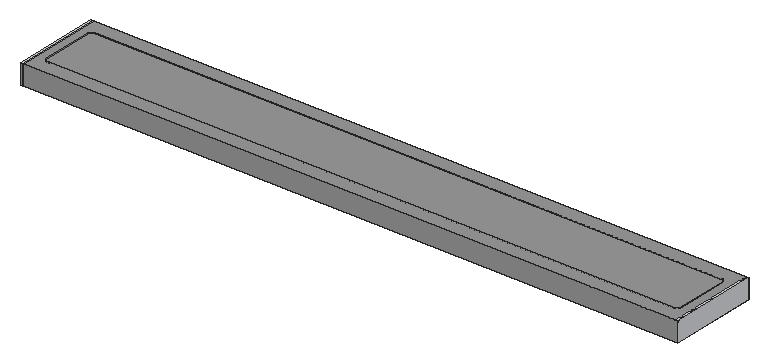
Revit family "2021697", category Lighting Fixtures, host Face, Revit 2018
Family settings
  Host = Face
  Round Connector Dimension = Use Diameter
  Part Type = Normal
  OmniClass Number = 23.80.70.00
  OmniClass Title = Lighting
  Cut with Voids When Loaded = No
  Light Source = Yes
  Shared = No
  Room Calculation Point = No
Parameters (values of type "2021697 OPTIX S 1500 MPO D/I 4K EM")
  spacer height = 5 mm
  spacer centres = 1000 mm
  lens width = 1135 mm
  full length = 1500 mm
  Width = 200 mm
  Weight = "n/a"
  Wattage Comments = ""
  Wattage = 9.2903 W
  WarrantyStartDate [instance] = "n/a"
  WarrantyGuarantorParts = "n/a"
  WarrantyDurationUnit = "n/a"
  WarrantyDurationParts = ""
  WarrantyDescription = "http://www.sylvania-lighting.com"
  built-in parameter 1150110 = 1 (stored number, unit not read)
  Voltage = 0 V
  URL = "1"
  TypeName = "OPTIX SURFACE 1500 MPO D/I 4000K EM"
  Type Image = <None>
  Type Comments = "n/a"
  built-in parameter 1114217 = 1 (stored number, unit not read)
  Tilt Angle = 90.00°
  built-in parameter 1150109 = 1 (stored number, unit not read)
  built-in parameter 1150134 = 3
  built-in parameter 1150113 = 1 (stored number, unit not read)
  SerialNumber [instance] = "n/a"
  Photometric Web File = "2021697.ies"
  Material_3_FEILO = none
  PowerFactor = 0
  PowerConsumption = "Lighting"
  NominalLength = 200 mm
  NominalHeight = 0 mm
  NominalDepth = 0 mm
  Name = "OPTIX SURFACE 1500 MPO D/I 4000K EM"
  ModelReference = Name  # "OPTIX SURFACE 1500 MPO D/I 4000K EM"
  ModelNumber = "2021697"
  Model = Name  # "OPTIX SURFACE 1500 MPO D/I 4000K EM"
  Material = "Feilo Sylvania"
  ManufacturerName = "130 lm/W"
  Manufacturer = ""
  LuminousEfficacy = ""
  built-in parameter 1150105 = 109.82 (stored number, unit not read)
  Lumens = 1380 lm
  LuminaireType = "0"
  built-in parameter 1150115 = 1 (stored number, unit not read)
  LightOutputRatio = "LED"
  built-in parameter 1150137 = (empty or 0)
  built-in parameter 1150139 = (empty or 0)
  Lens Width = 135 mm
  Length = 1188 mm
  LampsType = Lamp  # "n/a"
  LampNominalLuminous = "4000 K"
  LampMacAdamStep = "80"
  LampColourTemperature = "LED"
  LampColourRenderingIndex = "16500"
  built-in parameter 1150112 = 1 (stored number, unit not read)
  built-in parameter 1150114 = 1 (stored number, unit not read)
  Lamp = "n/a"
  Keynote = "n/a"
  InstallationDate [instance] = "n/a"
  InputVoltage = "0"
  InputNominalFrequency = "4000"
  built-in parameter 1150132 = (empty or 0)
  built-in parameter 1150102 = (empty or 0)
  built-in parameter 1150107 = 3200 (stored number, unit not read)
  built-in parameter 1150138 = (empty or 0)
  IngressProtection = "IfcLightFixtureType"
  ImpactProtectionIndex = "IfcLightFixtureType"
  built-in parameter 1150106 = 1.0982 (stored number, unit not read)
  IfcExportType = "IfcLightFixtureType"
  IfcExportAs = "Class I"
  Height = 50 mm
  ExpectedLife = 50000
  Emit from Circle Diameter = 609.6 mm
  Emit Shape Visible in Rendering = no
  ElectricShockClassification = "130"
  built-in parameter 1150104 = 13.8 (stored number, unit not read)
  DurationUnit = "hours"
  DocumentationLiterature = "http://www.sylvania-lighting.com/product/en-int/products/2021697"
  DimmingControlOptions = "n/a"
  Material_2_FEILO = none
  Dimming Lamp Color Temperature Shift = <None>
  Description = "OPTIX SURFACE 1500 MPO D/I 4000K EM is a high efficacy low glare suspended LED Linear luminaire with Micro Prismatic diffuser, with direct/indirect light distribution, luminaire dimensions: 1500x200x50mm, Sylvania White body colour (RAL9016), IP20, IK07, Constant current driver, 3hr maintained emergency version, low LED flicker (+/-5%), Neutral White (4000K) LED Colour Temperature, 6650lm luminous flux, 51W power consumption, 130lm/W system efficacy, CRI>80, SDCM 3 (3-step MacAdam ellipse) LED Colour Consistency, UGR<18, Luminance at 65° < 3000 cd/m2, lumen maintenance: L90B50 at 71000h, photobiological safety risk group 1. Electrical protection Class I."
  Default Elevation = 1219.2 mm
  CreatedOn = "31/01/2022"
  CreatedBy = "@sylvania-lighting.com"
  Cost = 0
  Color Filter = 16777215
  built-in parameter 1114216 [instance] = (empty or 0)
  ClassificationValue = "EF_70_80"
  ClassificationName = "Uniclass2015"
  Material_1_FEILO = none
  BarCode [instance] = "n/a"
  built-in parameter 1114218 = 1 (stored number, unit not read)
  built-in parameter 1150133 = 10 (stored number, unit not read)
  AssetType = "Fixed"
  AssetIdentifier [instance] = "n/a"
  Assembly Code = "D5020200"
  Apparent Load = 51 VA
  Material_4_FEILO = none
Reference planes
  plane 1 "Center (Front/Back)": y = 0
  plane 2: z = 0
  plane 3 "Center (Left/Right)": x = 0
  plane 4: z = 0
  plane 5: z = 50
  plane 6: y = 100
  plane 7: y = -100
  plane 8: x = -594
  plane 9: x = 594
  plane 10: z = 5
  plane 11: x = -500
  plane 12: x = 500
  plane 13: y = 10
  plane 14: y = -10
  plane 15: x = 487.5
  plane 16: x = 512.5
  plane 17: x = -512.5
  plane 18: x = -487.5
  plane 19: x = -567.5
  plane 20: x = 567.5
  plane 21: y = 67.5
  plane 22: y = -67.5
  plane 23: x = -557.5
  plane 24: y = 57.5
  plane 25: y = -57.5
  plane 26: x = 557.5
  plane 27: x = -750
  plane 28: x = 750
  plane 29: x = -700.314
  plane 30: x = 723.5
  plane 31: x = -671.814
  plane 32: x = 695
  plane 33: x = -744
  plane 34: x = 744
Forms (mm)
  Extrusion 1, solid, material "Aluminum 1100-H18", detail levels medium+fine
    sketch origin (4.2, 0, 0) x (1, 0, 0) y (0, 1, 0)
      loop
        line (-754.2, 100) -> (-754.2, -100) -> (745.8, -100) -> (745.8, 100) -> (-754.2, 100)
    from 5 to 50
  Extrusion 2, solid
    sketch origin (186.707, 0, 0) x (1, 0, 0) y (0, 1, 0)
      loop
        line (483.3, 10) -> (483.3, -10) -> (508.3, -10) -> (508.3, 10) -> (483.3, 10)
    from 0 to 5
  Extrusion 3, solid
    sketch origin (-155.18, 0, 0) x (1, 0, 0) y (0, 1, 0)
      loop
        line (-516.7, 10) -> (-516.7, -10) -> (-491.7, -10) -> (-491.7, 10) -> (-516.7, 10)
    from 0 to 5
  Extrusion 4, void, detail levels fine
    sketch origin (4.2, 0, 0) x (0, 1, 0) y (1, 0, 0)
      loop
        line (67.5, -717.7) -> (67.5, 709.3)
        arc (67.5, 709.3) -> (64.571, 716.371) -> (57.5, 719.3) r 10
        line (57.5, 719.3) -> (-57.5, 719.3)
        arc (-57.5, 719.3) -> (-64.571, 716.371) -> (-67.5, 709.3) r 10
        line (-67.5, 709.3) -> (-67.5, -717.7)
        arc (-67.5, -717.7) -> (-64.571, -724.771) -> (-57.5, -727.7) r 10
        line (-57.5, -727.7) -> (57.5, -727.7)
        arc (57.5, -727.7) -> (64.571, -724.771) -> (67.5, -717.7) r 10
    from -50 to -48
  Extrusion 5, solid, detail levels medium+fine
    sketch origin (4.2, 0, 0) x (1, 0, 0) y (0, 1, 0)
      loop
        line (-754.2, 100) -> (-754.2, -100) -> (-748.2, -100) -> (-748.2, 100) -> (-754.2, 100)
    from 5 to 50
  Extrusion 6, solid, detail levels medium+fine
    sketch origin (4.2, 0, 0) x (1, 0, 0) y (0, 1, 0)
      loop
        line (739.8, 100) -> (739.8, -100) -> (745.8, -100) -> (745.8, 100) -> (739.8, 100)
    from 5 to 50
  Extrusion 7, solid, material "Glass, White, High Luminance", detail levels fine
    sketch origin (4.2, 0, 0) x (1, 0, 0) y (0, 1, 0)
      loop
        arc (-717.7, 67.5) -> (-724.771, 64.571) -> (-727.7, 57.5) r 10
        line (-727.7, 57.5) -> (-727.7, -57.5)
        arc (-727.7, -57.5) -> (-724.771, -64.571) -> (-717.7, -67.5) r 10
        line (-717.7, -67.5) -> (709.3, -67.5)
        arc (709.3, -67.5) -> (716.371, -64.571) -> (719.3, -57.5) r 10
        line (719.3, -57.5) -> (719.3, 57.5)
        arc (719.3, 57.5) -> (716.371, 64.571) -> (709.3, 67.5) r 10
        line (709.3, 67.5) -> (-717.7, 67.5)
    from 48 to 49.5
  Extrusion 8, solid, detail levels coarse
    sketch origin (4.2, 0, 0) x (1, 0, 0) y (0, 1, 0)
      loop
        line (-754.2, 100) -> (-754.2, -100) -> (745.8, -100) -> (745.8, 100) -> (-754.2, 100)
    from 0 to 50
Cuts and joins
  Extrusion 4 cuts Extrusion 2
  Extrusion 4 cuts Extrusion 3
  Extrusion 4 cuts Extrusion 1
Dimensions and locks
  "Width": plane 6 to plane 7
  equal spacing: plane 6, plane 1 "Center (Front/Back)", plane 7
  "Length": plane 8 to plane 9
  equal spacing: plane 8, plane 3 "Center (Left/Right)", plane 9
  "spacer height": plane 10 to host face
  "Height": plane 5 to level
  "spacer centres": plane 11 to plane 12
  equal spacing: plane 11, plane 3 "Center (Left/Right)", plane 12
  "lens width": plane 19 to plane 20
  equal spacing: plane 19, plane 3 "Center (Left/Right)", plane 20
  "Lens Width": plane 21 to plane 22
  equal spacing: plane 21, plane 1 "Center (Front/Back)", plane 22
  "full length": plane 27 to plane 28
  equal spacing: plane 27, plane 3 "Center (Left/Right)", plane 28
  aligned and locked: plane 2 to host face
  aligned and locked: level to host face
Automatic sketch dimensions
  host sketch curve to host sketch curve = 2438.4 mm  (x2)
  Extrusion 1 sketch curve to plane 7 = 0 mm
  Extrusion 1 sketch curve to plane 8 = 156 mm
  plane 9 to Extrusion 1 sketch curve = 156 mm
  Extrusion 1 sketch curve to plane 6 = 0 mm
  Extrusion 2 sketch curve to plane 14 = 0 mm
  plane 15 to Extrusion 2 sketch curve = 182.507 mm
  plane 16 to Extrusion 2 sketch curve = 182.507 mm
  Extrusion 2 sketch curve to plane 13 = 0 mm
  Extrusion 3 sketch curve to plane 14 = 0 mm
  Extrusion 3 sketch curve to plane 17 = 159.38 mm
  Extrusion 3 sketch curve to plane 18 = 159.38 mm
  Extrusion 3 sketch curve to plane 13 = 0 mm
  Extrusion 4 sketch curve to plane 22 = 0 mm
  Extrusion 4 sketch curve to plane 19 = 156 mm
  Extrusion 4 sketch curve to plane 25 = 0 mm  (x2)
  plane 20 to Extrusion 4 sketch curve = 156 mm
  Extrusion 4 sketch curve to plane 24 = 0 mm  (x2)
  Extrusion 4 sketch curve to plane 23 = 156 mm
  Extrusion 5 sketch curve to plane 7 = 0 mm
  Extrusion 5 sketch curve to plane 27 = 0 mm
  Extrusion 5 sketch curve to plane 8 = 150 mm
  Extrusion 5 sketch curve to plane 6 = 0 mm
  Extrusion 6 sketch curve to plane 7 = 0 mm
  plane 9 to Extrusion 6 sketch curve = 150 mm
  Extrusion 6 sketch curve to plane 28 = 0 mm
  Extrusion 6 sketch curve to plane 6 = 0 mm
  Extrusion 7 sketch curve to plane 23 = 156 mm  (x2)
  Extrusion 7 sketch curve to plane 21 = 0 mm
  Extrusion 7 sketch curve to plane 22 = 0 mm
  plane 26 to Extrusion 7 sketch curve = 156 mm  (x2)
  plane 20 to Extrusion 7 sketch curve = 156 mm
  Extrusion 7 sketch curve to plane 24 = 0 mm
  Extrusion 8 sketch curve to plane 7 = 0 mm
  Extrusion 8 sketch curve to plane 27 = 0 mm
  Extrusion 8 sketch curve to plane 28 = 0 mm
  Extrusion 8 sketch curve to plane 6 = 0 mm
Connectors
  electrical at (0, 0, 0), driven by "Apparent Load", driven by "PowerFactor", driven by "Voltage"
    settings: index 1, voltage 0 V, apparent load 51 VA, apparent load phase1 0 VA, apparent load phase2 0 VA, apparent load phase3 0 VA, power factor 0, load classification "Lighting", number of poles 1, system type 30, power factor state 1, is connector primary yes, connector utility no, sub classification motor no, connector description ""
